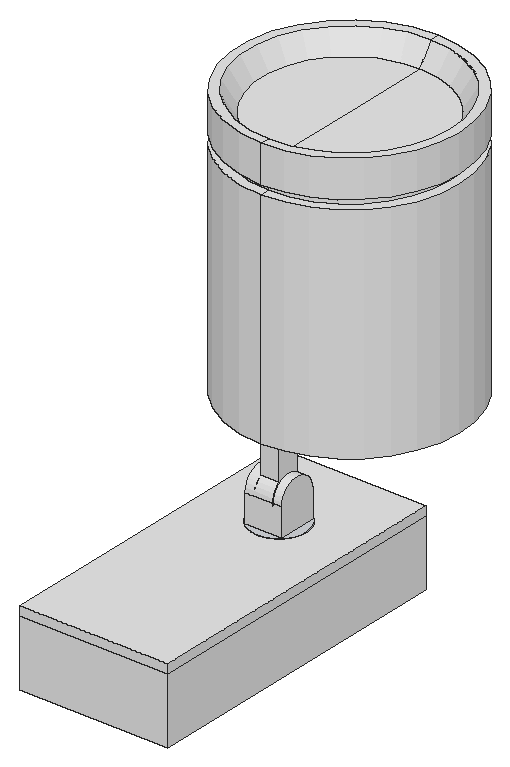
Revit family "63_PHILIPS_StyliD_Evo_Performance_Dali_ST780T_3D", category Lighting Fixtures, host Face, Revit 2016
Family settings
  Host = Face
  Part Type = Normal
  Round Connector Dimension = Use Diameter
  Cut with Voids When Loaded = No
  Light Source = No
  Shared = No
  Room Calculation Point = No
Parameters (values of type "Type catalog")
  Voltage (V) = ""
  Visibility 2D symbol [instance] = not(Visibility 2D outline)  # yes
  Visibility 2D outline [instance] = no
  Visibility 2D driver [instance] = no
  Rotation XZ = 0.00°
  Rotation XY = 90.00°
  Product catalog - URL = "PRODUCT URL"
  Order code = "ORDER CODE"
  Offset = 1 mm
  Length = 146 mm
  Last IES update = "DATE"
  Height = 275 mm
  Fixture code = "FIXTURE CODE"
  ETIM code URL = "https://prod.etim-international.com/Class/Details?classId=EC001744&classVersion=7"
  ETIM code = "EC001744"
  EOC = "EOC CODE"
  Diameter = 120 mm
  Content version = "1.0"
  Content modified date = "DATE"
  Content creation date = "28-03-2019"
  Constraint XZ = if(Rotation XZ < 0.00°, 0.00°, if(Rotation XZ > 355.00°, 355.00°, Rotation XZ))  # 0.00°
  Constraint XY = if(Rotation XY < 15.00°, 15.00°, if(Rotation XY > 140.00°, 140.00°, Rotation XY))  # 90.00°
  Connector width = 80 mm
  Wattage Comments = ""
  URL = "http://www.lighting.philips.com/home"
  Type Comments = "Track Mount"
  Model = "ST780T"
  Manufacturer = "Philips"
  Light loss factor = ""
  Lamp = ""
  Initial luminous flux (lm) = ""
  Init. Corr. Color Temperature (K) = ""
  Description = "StyliD Evo"
  Default Elevation = 0 mm
  Content Creator = "https://www.cadac.com/bimcontent"
  Connector height = 54 mm
  Conector length = 190 mm
  BIM Library - URL = "http://www.lighting.philips.com/main/support/support/revit-library#page=1"
  Assembly Code = ""
  Armatuurcode [instance] = ""
  Apparent Load = 0 VA
  12NC = "12NC CODE"
Reference planes
  plane 1 "Center (Front/Back)": y = 0
  plane 2: z = 0
  plane 3 "Center (Left/Right)": x = 0
  plane 4 "Cadac Group AEC": y = 15
  plane 5: z = 191
  plane 6: z = -53
  plane 7: z = 1
  plane 8: x = -40
  plane 9: y = -175
  plane 10: y = -49.5
  plane 11: x = 40
  plane 12: z = 125.635
  plane 13: z = 42
Lines and regions (mm)
  reference lines
    curve 1: line (0, -49.5, 42) -> (0, -230.226, 42)
Dimensions and locks
  "Connector height": plane 6 to plane 7
  equal spacing: plane 8, plane 3 "Center (Left/Right)", plane 11
  "Connector width": plane 8 to plane 11
  "Offset": plane 2 to plane 7
  "Conector length": plane 7 to plane 5
  plane 9 to plane 1 "Center (Front/Back)" = 175 mm
  locked: plane 10 to curve 1 at 0
  locked: plane 3 "Center (Left/Right)" to curve 1
  "Constraint XZ": angle curve 1 to plane 3 "Center (Left/Right)"
  aligned and locked: plane 2 to host face
  aligned and locked: level to host face
  aligned and locked: nested 1 to plane 1 "Center (Front/Back)"
Automatic sketch dimensions
  host sketch curve to host sketch curve = 727.065 mm
  host sketch curve to host sketch curve = 619.519 mm
Nested families
  nested 1: "63_PHILIPS_Trackmount_Evo Performance Dali ST780T 3D" at (0, -80, 1), type "geometry"
  nested 2: "63_PHILIPS_Spot_StyliD" at (0, -49.5, 42) x (0, -1, 0) z (0, 0, -1), rotation angle ZX <- "Constraint XY", type "Spot"
    with rotation angle ZX 90.00°, spot offset 29 mm, height spot 146 mm
  nested 3: "2D-PL-Rechthoekig" at (0, -80, 0) x (0, 1, 0) z (0, 0, 1), Width <- "Connector width", lengte <- "Conector length", visible <- "Visibility 2D outline", type "2D symbool"
    with lengte 190 mm, Width 80 mm
  nested 4: "2D-PL-Rond + symbool + peil" at (0, -1.5, 0) x (-1, 0, 0) z (0, 0, 1), Diameters <- "Diameter", Rotation XY <- "Constraint XZ", visible <- "Visibility 2D symbol", type "2D symbool"
    with radius 60 mm, Rotation XY 0.00°, Diameters 120 mm
  nested 5: "2D-PL-peil" at (0, -1.5, 0) x (0, 1, 0) z (0, 0, 1), type "2D symbool"
  nested 6: "2D-PL-Driver" at (0, -12.5, 0), visible <- "Visibility 2D driver", type "2D symbool"
Connectors
  electrical at (0, -87.5, 1), driven by "Apparent Load"
    settings: on nested 1, index 1, voltage 0 V, apparent load 0 VA, apparent load phase1 0 VA, apparent load phase2 0 VA, apparent load phase3 0 VA, power factor 1, load classification "Other", number of poles 1, system type 31, power factor state 1, is connector primary yes, connector utility no, sub classification motor no, connector description ""
Definition of nested family "63_PHILIPS_Trackmount_Evo Performance Dali ST780T 3D"
  Parameters (values of type "geometry")
    width = 80 mm
    light source = 2 mm
    length = 190 mm
    height = 36 mm
    algemeen_leverancier = ""
    algemeen_code = ""
    algemeen_URL = ""
    Type Comments = ""
    Model = ""
    Manufacturer = "Philips"
    Diameter pole = 30 mm
    Lamp = ""
    Description = ""
  Reference planes
    plane 1 "Center (Front/Back)": y = 0
    plane 2: z = 41
    plane 3 "Center (Left/Right)": x = 0
    plane 4 "Blend 4": z = 0
    plane 5: x = -40
    plane 6: x = 40
    plane 7: y = 95
    plane 8: y = -95
    plane 9: z = 36
    plane 10: z = 10
    plane 11: x = -32.5
    plane 12: x = 32.5
  Forms (mm)
    Extrusion 1, solid
      sketch origin (0, 0, -197) x (0, 1, 0) y (-1, 0, 0)
        loop
          line (-95, 40) -> (-95, -40) -> (80, -40) -> (80, 40) -> (-95, 40)
      from 238 to 233
    Extrusion 2, solid
      sketch origin (0, 0, 36) x (0, 1, 0) y (-1, 0, 0)
        loop
          line (80, 40) -> (-95, 40) -> (-95, -40) -> (80, -40) -> (80, 40)
      from 0 to -36
    Extrusion 3, void
      sketch origin (0, 0, 0) x (1, 0, 0) y (0, 1, 0)
        loop
          circle (0, 30.5) r 15
      from 36 to 41
    Extrusion 4, solid
      sketch origin (0, 0, 0) x (1, 0, 0) y (0, 1, 0)
        loop
          line (-12.5, 85) -> (-12.5, 10)
          arc (-12.5, 10) -> (0, 0) -> (12.5, 10) r 12.813
          line (12.5, 10) -> (12.5, 85)
          arc (12.5, 85) -> (0, 95) -> (-12.5, 85) r 12.813
      from 0 to -30
    Extrusion 5, void
      sketch origin (0, 0, 0) x (0, 1, 0) y (0, 0, 1)
        loop
          line (0, -10) -> (0, -30) -> (95, -30) -> (95, -10) -> (0, -10)
      from 12.5 to 5
    Extrusion 6, void
      sketch origin (0, 0, -1.656) x (0, 1, 0) y (0, 0, -1)
        loop
          line (0, 8.344) -> (95, 8.344) -> (95, 28.344) -> (0, 28.344) -> (0, 8.344)
      from 12.5 to 5
  Cuts and joins
    Extrusion 3 cuts Extrusion 1
    Extrusion 3, Extrusion 5, Extrusion 6 cuts Extrusion 2
    Extrusion 5, Extrusion 6 cuts Extrusion 4
  Dimensions and locks
    "height": plane 9 to level
    equal spacing: plane 7, plane 1 "Center (Front/Back)", plane 8
    "length": plane 7 to plane 8
    equal spacing: plane 5, plane 3 "Center (Left/Right)", plane 6
    "width": plane 5 to plane 6
    locked: plane 2 to plane 9 at 5
    locked: plane 5 to plane 11 at 7.5
    locked: plane 12 to plane 6 at 7.5
    aligned and locked: plane 8 to Extrusion 1 sketch curve
    aligned and locked: plane 5 to Extrusion 1 sketch curve
    aligned and locked: Extrusion 1 sketch curve to plane 6
    aligned and locked: plane 9 to Extrusion 2
    aligned and locked: plane 9 to Extrusion 3
    aligned and locked: Extrusion 3 to plane 2
    aligned and locked: Extrusion 2 to level
    aligned and locked: plane 9 to cut or joined group of Extrusion 1, Extrusion 3
    aligned and locked: cut or joined group of Extrusion 1, Extrusion 3 to plane 2
  Automatic sketch dimensions
    plane 7 to Extrusion 1 sketch curve = 15 mm
    Extrusion 2 sketch curve to Extrusion 1 = 0 mm  (x4)
    Extrusion 3 sketch curve to plane 3 "Center (Left/Right)" = 0 mm
    Extrusion 3 sketch curve to plane 1 "Center (Front/Back)" = 30.5 mm
    Extrusion 4 sketch curve to plane 3 "Center (Left/Right)" = 0 mm  (x2)
    Extrusion 4 sketch curve to plane 3 "Center (Left/Right)" = 12.5 mm
    plane 7 to Extrusion 4 sketch curve = 10 mm
    plane 3 "Center (Left/Right)" to Extrusion 4 sketch curve = 12.5 mm
    plane 7 to Extrusion 4 sketch curve = 12.812 mm
    Extrusion 4 sketch curve to plane 1 "Center (Front/Back)" = 12.813 mm
    Extrusion 4 sketch curve to plane 1 "Center (Front/Back)" = 10 mm
    Extrusion 5 sketch curve to plane 1 "Center (Front/Back)" = 0 mm
    Extrusion 5 sketch curve to plane 7 = 0 mm
    Extrusion 5 sketch curve to level = 10 mm
    Extrusion 5 sketch curve to level = 30 mm
    Extrusion 6 sketch curve to plane 1 "Center (Front/Back)" = 0 mm
    Extrusion 6 sketch curve to plane 7 = 0 mm
    Extrusion 6 sketch curve to level = 10 mm
    Extrusion 6 sketch curve to level = 30 mm
    radius of Extrusion 3 sketch curve = 15 mm
Definition of nested family "63_PHILIPS_Spot_StyliD"
  Parameters (values of type "Spot")
    spot offset = 30 mm
    rotation angle ZX [instance] = 90.00°
    height spot top = 55 mm
    height spot middle = 10 mm
    height spot = 125 mm
    Radius = 60 mm
    ceiling thickness = 12.5 mm
    Wattage Comments = ""
    URL = "http://www.ecat.lighting.philips.com/l"
    Type Comments = "surface mounted"
    Model = "XXX RS530B"
    Manufacturer = "Philips"
    Description = "XXX LuxSpace"
    Default Elevation = 2800 mm
    Assembly Code = ""
  Reference planes
    plane 1 "Center (Front/Back)": y = 0
    plane 2: z = 0
    plane 3 "Center (Left/Right)": x = 0
    plane 4 "Cadac Group AEC": y = 0
    plane 5: z = 12.5
    plane 6: z = 12.5
    plane 7: z = -14
    plane 8: z = -50
  Forms (mm)
    Extrusion 1, solid
      sketch origin (0, 0, 0) x (1, 0, 0) y (0, 1, 0)
        loop
          line (-350, 290) -> (-350, -329.519) -> (377.065, -329.519) -> (377.065, 290) -> (-350, 290)
      from 0 to 12.5 <- "ceiling thickness"
    Revolve 2, solid
      sketch origin (0, 0, -14) x (0, 0, -1) y (1, 0, 0)
        loop
          line (30, -48) -> (143.915, -48) -> (143.915, 0) -> (155, 7) -> (155, 12) -> (135, 12) -> (135, 7) -> (130, 7) -> (130, 12) -> (30, 12) -> (30, -48)
        axis (30, -48) -> (155, -48)
      angle from 0 to 360
    Extrusion 3, solid
      sketch origin (0, 0, -55) x (0, 0, -1) y (1, 0, 0)
        loop
          line (-11, -6) -> (-11, 6) -> (-31.642, 6)
          arc (-31.642, 6) -> (-50.288, 0) -> (-31.642, -6) r 10.288
          line (-31.642, -6) -> (-11, -6)
      from -5 to 5
    Extrusion 4, solid
      sketch origin (0, 0, -11) x (-1, 0, 0) y (0, 0, -1)
        loop
          line (-10.381, -11) -> (10.381, -11) -> (10.381, 4)
          arc (10.381, 4) -> (0, 14.381) -> (-10.381, 4) r 10.381
          line (-10.381, 4) -> (-10.381, -11)
      from 10 to -10
    Extrusion 5, solid
      sketch origin (0, 0, 0) x (1, 0, 0) y (0, 1, 0)
        loop
          circle (0, 0) r 15
      from 0 to 5
  Lines and regions (mm)
    reference lines
      curve 1: line (0, 0, -14) -> (0, 0, -144)
      curve 2: line (0, 0, -14) -> (-108, 0, -14)
      curve 3: line (12, 0, -169) -> (-108, 0, -169)
      curve 4: line (-108, 0, -169) -> (-108, 0, -14)
      curve 5: line (12, 0, -44) -> (-108, 0, -44)
      curve 6: line (12, 0, -14) -> (12, 0, -169)
      curve 7: line (-48, 0, -169) -> (-48, 0, -14)
  Dimensions and locks
    "spot offset": curve 2 to curve 5
    curve 1 to curve 6 = 12 mm
    plane 8 to Extrusion 1 = 50 mm
    curve 3 to Revolve 2 sketch curve = 11.085 mm
    Revolve 2 sketch curve to curve 6 = 5 mm
    Revolve 2 sketch curve to Revolve 2 sketch curve = 20 mm
    Revolve 2 sketch curve to Revolve 2 sketch curve = 12 mm
    Revolve 2 sketch curve to Revolve 2 sketch curve = 5 mm
    "height spot": Revolve 2 sketch curve to Revolve 2 sketch curve
    "height spot": curve 3 to curve 5
    "Radius": Revolve 2 sketch curve to Revolve 2 sketch curve
    "rotation angle ZX": angle curve 1 to plane 7
    aligned and locked: plane 2 to Extrusion 1
    aligned and locked: level to Extrusion 1
    aligned and locked: plane 4 "Cadac Group AEC" to plane 1 "Center (Front/Back)"
    aligned and locked: plane 3 "Center (Left/Right)" to curve 1
    aligned and locked: Revolve 2 sketch curve to Revolve 2 sketch curve
    aligned and locked: Revolve 2 sketch curve to curve 3
    aligned and locked: Revolve 2 sketch curve to curve 6  (x2)
  Automatic sketch dimensions
    Extrusion 1 sketch curve to Extrusion 1 sketch curve = 727.065 mm
    Extrusion 1 sketch curve to Extrusion 1 sketch curve = 619.519 mm
    Extrusion 4 sketch curve to level = 0 mm
    plane 7 to Extrusion 4 sketch curve = 1 mm
    Extrusion 4 sketch curve to plane 3 "Center (Left/Right)" = 0 mm
    plane 3 "Center (Left/Right)" to Extrusion 4 sketch curve = 10.381 mm
    plane 1 "Center (Front/Back)" to Extrusion 5 sketch curve = 0 mm
    Extrusion 5 sketch curve to plane 3 "Center (Left/Right)" = 0 mm
    curve 1 to Extrusion 3 sketch curve = 0 mm
    curve 1 to Extrusion 3 sketch curve = 9.358 mm  (x2)
    curve 1 to Extrusion 3 sketch curve = 6 mm
    curve 1 to Extrusion 3 sketch curve = 1 mm
    Extrusion 3 sketch curve to Extrusion 3 sketch curve = 20.642 mm
    curve 1 to plane 7 = 0 mm
    curve 2 to curve 1 = 0 mm  (x2)
    curve 6 to curve 1 = 0 mm
    curve 2 to curve 1 = 108 mm
    curve 7 to curve 1 = 48 mm
    Revolve 2 sketch curve to curve 1 = 0 mm
    Revolve 2 sketch curve to Revolve 2 sketch curve = 5 mm
    Revolve 2 sketch curve to Revolve 2 sketch curve = 12.347 mm
    radius of Extrusion 5 sketch curve = 15 mm
  Connectors
    electrical at (0, 0, 0)
      settings: index 1, voltage 230 V, apparent load 0 VA, apparent load phase1 18 VA, apparent load phase2 0 VA, apparent load phase3 0 VA, power factor 1, load classification none, number of poles 1, system type 31, power factor state 1, is connector primary yes, connector utility no, sub classification motor no, connector description ""
Definition of nested family "2D-PL-Rechthoekig"
  Parameters (values of type "2D symbool")
    lengte [instance] = 1200 mm
    Width [instance] = 100 mm
    Type Comments = "GEEN CALCULATIEOBJECT"
    Manufacturer = ""
    Description = "Armatuur 2D symbool"
    Copyright © Cadac = "www.cadac.com/aec"
    Cadac content versie = ""
    Assembly Code = ""
  Reference planes
    plane 1 "Center (Front/Back)": y = 0
    plane 2: z = 0
    plane 3 "Center (Left/Right)": x = 0
    plane 4: y = 150
    plane 5: y = -150
    plane 6: y = 176.777
    plane 7: x = -176.777
    plane 8: x = 176.777
    plane 9: y = -176.777
    plane 10 "Cadac Group AEC": y = 0
    plane 11: y = 400
    plane 12: y = -191.421
    plane 13: y = -206.066
    plane 14: y = -220.711
    plane 15: y = -235.355
  Lines and regions (mm)
    symbolic lines
      curve 1: line (600, 50, 0) -> (600, -50, 0)
      curve 2: line (-600, 50, 0) -> (-600, -50, 0)
      curve 3: line (-600, 50, 0) -> (600, 50, 0)
      curve 4: line (-600, -50, 0) -> (600, -50, 0)
  Dimensions and locks
    equal spacing: curve 2, plane 3 "Center (Left/Right)", curve 1
    "lengte": curve 2 to curve 1
    equal spacing: plane 5, plane 1 "Center (Front/Back)", plane 4
    locked: plane 4 to plane 5 at 300
    equal spacing: curve 4, plane 1 "Center (Front/Back)", curve 3
    "Width": curve 4 to curve 3
    locked: plane 7 to plane 8 at 353.553
    locked: plane 6 to plane 9 at 353.553
    equal spacing: plane 7, plane 3 "Center (Left/Right)", plane 8
    equal spacing: plane 6, plane 1 "Center (Front/Back)", plane 9
    locked: plane 1 "Center (Front/Back)" to plane 11 at 400
    equal spacing: plane 9, plane 12, plane 13, plane 14, plane 15
    locked: plane 9 to plane 15 at 58.579
    aligned and locked: plane 10 "Cadac Group AEC" to plane 1 "Center (Front/Back)"
Definition of nested family "2D-PL-Rond + symbool + peil"
  Parameters (values of type "2D symbool")
    radius [instance] = Diameters / 2  # 125 mm
    Visibility 2D symbol = yes
    Rotation XY [instance] = 70.00°
    Diameters [instance] = 250 mm
    Description = "Armatuur symbool"
    Copyright © Cadac = "www.cadac.com/aec"
    Cadac content versie = ""
    Assembly Code = ""
  Reference planes
    plane 1 "Center (Front/Back)": y = 0
    plane 2: z = 0
    plane 3 "Center (Left/Right)": x = 0
  Lines and regions (mm)
    symbolic lines
      curve 1: circle (0, 0, 0) r 125 normal (0, 0, 1)
    reference lines
      curve 2: line (0, 0, 0) -> (314.797, 114.577, 0)
  Dimensions and locks
    locked: plane 3 "Center (Left/Right)" to nested 2 at 0
    "Diameters": diameter of curve 1
    "Rotation XY": angle curve 2 to plane 3 "Center (Left/Right)"
    aligned and locked: plane 3 "Center (Left/Right)" to curve 2
    aligned and locked: plane 1 "Center (Front/Back)" to curve 2
    aligned and locked: nested 2 to curve 2
  Automatic sketch dimensions
    plane 1 "Center (Front/Back)" to curve 1 = 0 mm
    curve 1 to plane 3 "Center (Left/Right)" = 0 mm
  Nested families
    nested 1: "PL-opbouwarmatuur plafond rond" at (0, 0, 0), radius cirkel <- "radius", visible <- "Visibility 2D symbol", type "PL lichtpunt"
      with radius cirkel 125 mm, lengte symbool 162.5 mm, l1 140 mm, breedte symbool 150 mm, b1 52.5 mm, Diameters 250 mm
    nested 2: "2D-PL-peil" at (0, 0, 0) x (-0.9397, -0.342, 0) z (0, 0, 1), visible <- "Visibility 2D symbol", type "2D symbool"
  Definition of nested family "PL-opbouwarmatuur plafond rond"
    Parameters (values of type "PL lichtpunt")
      radius cirkel [instance] = 200 mm
      lengte symbool [instance] = 162.5 mm
      l1 [instance] = 140 mm
      breedte symbool [instance] = radius cirkel + 25 mm  # 225 mm
      b1 [instance] = 52.5 mm
      Diameters = 74 mm
      Description = "PL lichtpunt"
      Copyright © Cadac = "www.cadac.com/aec"
      Cadac content versie = "4.0"  # constant formula
      Assembly Code = ""
    Reference planes
      plane 1 "Center (Front/Back)": y = 0
      plane 2: z = 0
      plane 3 "Center (Left/Right)": x = 0
      plane 4: y = 112.5
      plane 5: y = -112.5
    Lines and regions (mm)
      symbolic lines
        curve 1: circle (0, 0, 0) r 200 normal (0, 0, 1)
        curve 2: line (-165.359, 112.5, 0) -> (165.359, -112.5, 0)
        curve 3: line (-165.359, -112.5, 0) -> (165.359, 112.5, 0)
    Dimensions and locks
      equal spacing: plane 4, plane 1 "Center (Front/Back)", plane 5
      "breedte symbool": plane 4 to plane 5
      "radius cirkel": radius of curve 1
      aligned and locked: plane 4 to curve 2
      aligned and locked: plane 4 to curve 3
      aligned and locked: plane 5 to curve 3
      aligned and locked: plane 5 to curve 2
    Automatic sketch dimensions
      plane 1 "Center (Front/Back)" to curve 1 = 0 mm
      curve 1 to plane 3 "Center (Left/Right)" = 0 mm
  Definition of nested family "2D-PL-peil"
    Parameters (values of type "2D symbool")
      lengte = 200 mm
      Type Comments = "GEEN CALCULATIEOBJECT"
      Peil lengte = 100 mm
      Manufacturer = ""
      Description = "Armatuur 2D symbool"
      Default Elevation = 1219.2 mm
      Copyright © Cadac = "www.cadac.com/aec"
      Cadac content versie = ""
      Assembly Code = ""
    Reference planes
      plane 1 "Center (Front/Back)": y = 0
      plane 2: z = 0
      plane 3 "Center (Left/Right)": x = 0
      plane 4: y = 150
      plane 5: y = -150
      plane 6: y = 176.777
      plane 7: x = -176.777
      plane 8: x = 176.777
      plane 9: y = -176.777
      plane 10: y = 400
      plane 11: y = -191.421
      plane 12: y = -206.066
      plane 13: y = -220.711
      plane 14: y = -235.355
    Lines and regions (mm)
      symbolic lines
        curve 1: line (-200, 0, 0) -> (0, 0, 0)
        curve 2: line (-200, 0, 0) -> (-121.849, 62.389, 0)
        curve 3: line (-200, 0, 0) -> (-121.849, -62.389, 0)
      reference lines
        curve 4: line (100, -50, 0) -> (-245, -50, 0)
    Dimensions and locks
      equal spacing: plane 5, plane 1 "Center (Front/Back)", plane 4
      locked: plane 4 to plane 5 at 300
      locked: plane 7 to plane 8 at 353.553
      locked: plane 6 to plane 9 at 353.553
      equal spacing: plane 7, plane 3 "Center (Left/Right)", plane 8
      equal spacing: plane 6, plane 1 "Center (Front/Back)", plane 9
      locked: plane 1 "Center (Front/Back)" to plane 10 at 400
      equal spacing: plane 9, plane 11, plane 12, plane 13, plane 14
      locked: plane 9 to plane 14 at 58.579
      "lengte": curve 1 to curve 1
      "Peil lengte": curve 2 to curve 2
      "Peil lengte": curve 3 to curve 3
    Automatic sketch dimensions
      curve 4 to plane 7 = 68.223 mm
      plane 1 "Center (Front/Back)" to curve 4 = 50 mm
      curve 4 to plane 8 = 76.777 mm
      plane 1 "Center (Front/Back)" to curve 3 = 0 mm
      curve 1 to plane 3 "Center (Left/Right)" = 0 mm
      plane 7 to curve 2 = 54.928 mm
      plane 7 to curve 3 = 54.928 mm
Definition of nested family "2D-PL-peil"
  Parameters (values of type "2D symbool")
    lengte = 200 mm
    Type Comments = "GEEN CALCULATIEOBJECT"
    Peil lengte = 100 mm
    Manufacturer = ""
    Description = "Armatuur 2D symbool"
    Default Elevation = 1219.2 mm
    Copyright © Cadac = "www.cadac.com/aec"
    Cadac content versie = ""
    Assembly Code = ""
  Reference planes
    plane 1 "Center (Front/Back)": y = 0
    plane 2: z = 0
    plane 3 "Center (Left/Right)": x = 0
    plane 4: y = 150
    plane 5: y = -150
    plane 6: y = 176.777
    plane 7: x = -176.777
    plane 8: x = 176.777
    plane 9: y = -176.777
    plane 10: y = 400
    plane 11: y = -191.421
    plane 12: y = -206.066
    plane 13: y = -220.711
    plane 14: y = -235.355
  Lines and regions (mm)
    symbolic lines
      curve 1: line (-200, 0, 0) -> (0, 0, 0)
      curve 2: line (-200, 0, 0) -> (-121.849, 62.389, 0)
      curve 3: line (-200, 0, 0) -> (-121.849, -62.389, 0)
    reference lines
      curve 4: line (100, -50, 0) -> (-245, -50, 0)
  Dimensions and locks
    equal spacing: plane 5, plane 1 "Center (Front/Back)", plane 4
    locked: plane 4 to plane 5 at 300
    locked: plane 7 to plane 8 at 353.553
    locked: plane 6 to plane 9 at 353.553
    equal spacing: plane 7, plane 3 "Center (Left/Right)", plane 8
    equal spacing: plane 6, plane 1 "Center (Front/Back)", plane 9
    locked: plane 1 "Center (Front/Back)" to plane 10 at 400
    equal spacing: plane 9, plane 11, plane 12, plane 13, plane 14
    locked: plane 9 to plane 14 at 58.579
    "lengte": curve 1 to curve 1
    "Peil lengte": curve 2 to curve 2
    "Peil lengte": curve 3 to curve 3
  Automatic sketch dimensions
    curve 4 to plane 7 = 68.223 mm
    plane 1 "Center (Front/Back)" to curve 4 = 50 mm
    curve 4 to plane 8 = 76.777 mm
    plane 1 "Center (Front/Back)" to curve 3 = 0 mm
    curve 1 to plane 3 "Center (Left/Right)" = 0 mm
    plane 7 to curve 2 = 54.928 mm
    plane 7 to curve 3 = 54.928 mm
Definition of nested family "2D-PL-Driver"
  Parameters (values of type "2D symbool")
    Description = "Armatuur symbool"
    Copyright © Cadac = "www.cadac.com/aec"
    Cadac content versie = ""
    Assembly Code = ""
  Reference planes
    plane 1 "Center (Front/Back)": y = 0
    plane 2: z = 0
    plane 3 "Center (Left/Right)": x = 0
  Lines and regions (mm)
    model lines
      curve 1: line (-12.5, -19.5, 0) -> (-12.5, 19.5, 0)
      curve 2: line (12.5, 19.5, 0) -> (12.5, -19.5, 0)
      curve 3: arc (-12.5, 19.5, 0) -> (0, 27.5, 0) -> (12.5, 19.5, 0) r 13.766
      curve 4: arc (-12.5, -19.5, 0) -> (0, -27.5, 0) -> (12.5, -19.5, 0) r 13.766
